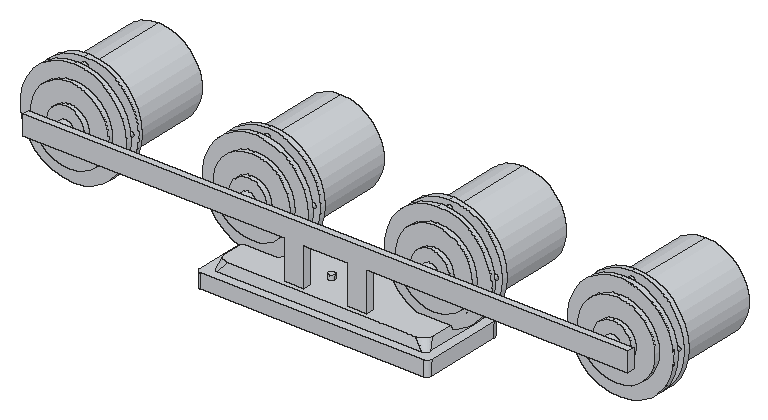
Revit family "AO_QuadSconce-1-ARCH", category Lighting Fixtures, Revit 2019
Family settings
  Round Connector Dimension = Use Diameter
  Part Type = Normal
  Work Plane-Based = Yes
  Always vertical = No
  Cut with Voids When Loaded = No
  Light Source = No
  Shared = No
  Room Calculation Point = No
Parameters (values of type "QuadSconce-1-ARCH")
  Frame Material [instance] = none
  Fabric Color [instance] = none
  Emit Shape Visible in Rendering = no
  Default Elevation = 4' - 0"
  Assembly Code = ""
Reference planes (in)
  plane 1 "Center (Front/Back)": y = 0
  plane 2: z = 0
  plane 3 "Center (Left/Right)": x = 0
  plane 4: z = 6.5
  plane 5: x = -16.875
  plane 6: x = 16.875
  plane 7: y = -2.25
  plane 8: y = 5.5
  plane 9: y = -81
Forms (in)
  Extrusion 1, solid, material <- "Frame Material"
    sketch origin (0, 0, 0) x (1, 0, 0) y (0, 1, 0)
      loop
        line (-6, 2) -> (-6, -2)
        arc (-6, -2) -> (-5.92678, -2.17678) -> (-5.75, -2.25) r 0.25
        line (-5.75, -2.25) -> (5.75, -2.25)
        arc (5.75, -2.25) -> (5.92678, -2.17678) -> (6, -2) r 0.25
        line (6, -2) -> (6, 2)
        arc (6, 2) -> (5.92678, 2.17678) -> (5.75, 2.25) r 0.25
        line (5.75, 2.25) -> (-5.75, 2.25)
        arc (-5.75, 2.25) -> (-5.92678, 2.17678) -> (-6, 2) r 0.25
    from 0 to 0.75
  Extrusion 2, solid, material <- "Frame Material"
    sketch origin (0, 0.25, 0) x (1, 0, 0) y (0, 0, 1)
      loop
        line (-15.625, 3.25) -> (-2.125, 3.25) -> (-2.125, 1.25) -> (-1.125, 1.25) -> (-1.125, 3.25) -> (1.125, 3.25) -> (1.125, 1.25) -> (2.125, 1.25) -> (2.125, 3.25) -> (15.625, 3.25) -> (15.625, 4.25) -> (-15.625, 4.25) -> (-15.625, 3.25)
    from 1.25 to 1.625
  Blend 3, solid, material <- "Frame Material"
    base sketch origin (0, 0, 0) x (1, 0, 0) y (0, 1, 0)
      loop
        line (5.25, 1.75) -> (-5.25, 1.75)
        arc (-5.25, 1.75) -> (-5.42678, 1.67678) -> (-5.5, 1.5) r 0.25
        line (-5.5, 1.5) -> (-5.5, -1.5)
        arc (-5.5, -1.5) -> (-5.42678, -1.67678) -> (-5.25, -1.75) r 0.25
        line (-5.25, -1.75) -> (5.25, -1.75)
        arc (5.25, -1.75) -> (5.42678, -1.67678) -> (5.5, -1.5) r 0.25
        line (5.5, -1.5) -> (5.5, 1.5)
        arc (5.5, 1.5) -> (5.42678, 1.67678) -> (5.25, 1.75) r 0.25
    top sketch origin (0, 0, 0) x (1, 0, 0) y (0, 1, 0)
      loop
        line (4.875, 1.625) -> (-4.875, 1.625)
        arc (-4.875, 1.625) -> (-5.22855, 1.47855) -> (-5.375, 1.125) r 0.5
        line (-5.375, 1.125) -> (-5.375, -1.125)
        arc (-5.375, -1.125) -> (-5.22855, -1.47855) -> (-4.875, -1.625) r 0.5
        line (-4.875, -1.625) -> (4.875, -1.625)
        arc (4.875, -1.625) -> (5.22855, -1.47855) -> (5.375, -1.125) r 0.5
        line (5.375, -1.125) -> (5.375, 1.125)
        arc (5.375, 1.125) -> (5.22855, 1.47855) -> (4.875, 1.625) r 0.5
    from 0.75 to 1.25
  Extrusion 4, solid, material <- "Frame Material"
    sketch origin (0, 0, 0) x (1, 0, 0) y (0, 1, 0)
      loop
        circle (-0.78693, 0) r 0.15925
      loop
        circle (0.78693, 0) r 0.15925
    from 1.25 to 1.46717
Dimensions and locks (in)
  plane 4 to level = 0' - 6 1/2"
  plane 3 "Center (Left/Right)" to plane 5 = 1' - 4 7/8"
  plane 6 to plane 3 "Center (Left/Right)" = 1' - 4 7/8"
  plane 5 to plane 3 "Center (Left/Right)" = 1' - 4 7/8"
  plane 3 "Center (Left/Right)" to plane 6 = 1' - 4 7/8"
  plane 9 to plane 1 "Center (Front/Back)" = 6' - 9"
Nested families (in)
  nested 1: "Light" at (-14.125, 40, 3.75) x (0, -1, 0) z (0, 0, 1), Frame Material <- "Frame Material", Fabric Color <- "Fabric Color", type "Light"
    with Frame Material none, Fabric Color none, Extension 2' - 9"
  nested 2: "Light" at (14.125, 40, 3.75) x (0, -1, 0) z (0, 0, 1), Frame Material <- "Frame Material", Fabric Color <- "Fabric Color", type "Light"
    with Frame Material none, Fabric Color none, Extension 2' - 9"
  nested 3: "Light" at (-4.70833, 40, 3.75) x (0, -1, 0) z (0, 0, 1), Frame Material <- "Frame Material", Fabric Color <- "Fabric Color", type "Light"
    with Frame Material none, Fabric Color none, Extension 2' - 9"
  nested 4: "Light" at (4.70833, 40, 3.75) x (0, -1, 0) z (0, 0, 1), Frame Material <- "Frame Material", Fabric Color <- "Fabric Color", type "Light"
    with Frame Material none, Fabric Color none, Extension 2' - 9"
Definition of nested family "Light"
  Parameters
    Wattage = 9.2903 W
    built-in parameter 1150110 = 1 (stored number, unit not read)
    built-in parameter 1114217 = 1 (stored number, unit not read)
    built-in parameter 1150109 = 1 (stored number, unit not read)
    built-in parameter 1150134 = 3
    built-in parameter 1150113 = 1 (stored number, unit not read)
    built-in parameter 1150105 = 109.82 (stored number, unit not read)
    Lumens = 1380 lm
    built-in parameter 1150115 = 1 (stored number, unit not read)
    Light Source Symbol Size = 0' - 2"
    built-in parameter 1150137 = (empty or 0)
    built-in parameter 1150139 = (empty or 0)
    built-in parameter 1150112 = 1 (stored number, unit not read)
    built-in parameter 1150114 = 1 (stored number, unit not read)
    built-in parameter 1150132 = (empty or 0)
    built-in parameter 1150102 = (empty or 0)
    built-in parameter 1150107 = 3200 (stored number, unit not read)
    built-in parameter 1150138 = (empty or 0)
    built-in parameter 1150106 = 1.0982 (stored number, unit not read)
    Frame Material [instance] = none
    Fabric Color [instance] = none
    Extension [instance] = 2' - 9"
    built-in parameter 1150104 = 13.8 (stored number, unit not read)
    Dimming Lamp Color Temperature Shift = (empty or 0)
    Default Elevation = 4' - 0"
    Color Filter = 16777215
    built-in parameter 1114218 = 1 (stored number, unit not read)
    built-in parameter 1150133 = 10 (stored number, unit not read)
    Assembly Code = ""
  Reference planes (in)
    plane 1 "Center (Front/Back)": y = 0
    plane 2: z = 0
    plane 3 "Center (Left/Right)": x = 0
  Forms (in)
    Extrusion 1, solid, material <- "Frame Material"
      sketch origin (-14.25, 0, 0) x (0, 0, -1) y (0, 1, 0)
        loop
          circle (0, 0) r 2.75
      from 54 to 54.25
    Extrusion 2, solid, material <- "Frame Material"
      sketch origin (-14.25, 0, 0) x (0, 0, -1) y (0, 1, 0)
        loop
          circle (0, 0) r 2
      from 54.25 to 54.5
    Extrusion 3, solid, material <- "Frame Material"
      sketch origin (-14.25, 0, 0) x (0, 0, -1) y (0, 1, 0)
        loop
          circle (0, 0) r 1
      from 54.5 to 54.75
    Extrusion 4, solid, material <- "Frame Material"
      sketch origin (-14, 0, 0) x (0, 0, -1) y (0, 1, 0)
        loop
          circle (0, 0) r 2.75
      from 53 to 53.25
    Extrusion 5, solid, material <- "Frame Material"
      sketch origin (-14.25, 0, 0) x (0, 0, -1) y (0, 1, 0)
        loop
          circle (0, 2.375) r 0.125
        loop
          circle (0, -2.375) r 0.125
        loop
          circle (2.375, 0) r 0.125
        loop
          circle (-2.375, 0) r 0.125
      from 53.5 to 54
    Revolve 6, solid, material <- "Fabric Color"
      sketch origin (73.5, 0, 0) x (-1, 0, 0) y (0, 0, -1)
        loop
          line (33.75, 2.21875) -> (33.75, 2.09375) -> (39, 2.09375) -> (39, 2.21875) -> (33.75, 2.21875)
        axis (33.75, 0) -> (39, 0)
      angle from 0 to 360
    Extrusion 7, solid, material <- "Frame Material"
      sketch origin (0, 0, 0) x (0, 1, 0) y (0, 0, 1)
        loop
          circle (0, 0) r 0.375
      from 40.5 to 41
  Dimensions and locks (in)
    Revolve 6 sketch curve to Revolve 6 sketch curve to level = 0' - 0 1/8" locked, 0' - 2 3/32" locked
